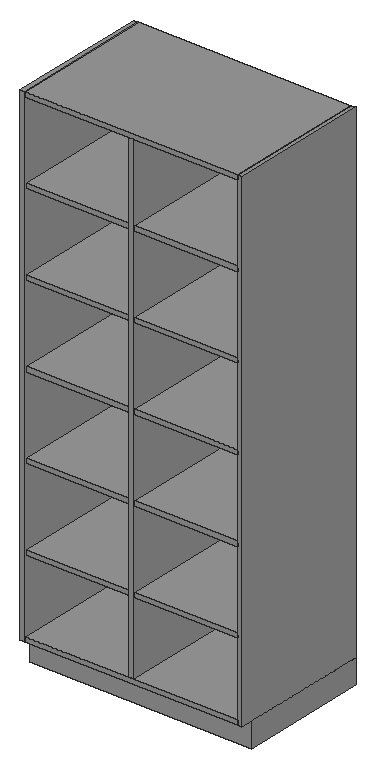
Revit family "TMI - T1110 - Tall_Open1", category Casework, Revit 2016
Family settings
  OmniClass Number = 23.40.35.14.11
  OmniClass Title = Modular Casework
  Work Plane-Based = No
  Always vertical = Yes
  Cut with Voids When Loaded = No
  Shared = No
  Room Calculation Point = No
Parameters (values of type "36" x 84" x 23"")
  Verticle Partition [instance] = yes
  URL = "www.tmisystems.com"
  Two Shelves [instance] = Shelf Quantity = 2  # no
  Toe Kick Height = 4"
  Toe Kick Depth = 2"
  Three Shelves [instance] = Shelf Quantity = 3  # no
  Shelf Thickness = 3/4"
  Shelf Quantity [instance] = 5
  One Shelf [instance] = Shelf Quantity = 1  # no
  Model = "T1110"
  Manufacturer = "TMI Systems Corporation"
  Interior Finish = none
  Four Shelves [instance] = Shelf Quantity = 4  # no
  Five Shelves [instance] = Shelf Quantity = 5  # yes
  Filler Width (Left) [instance] = 3"
  Filler Right [instance] = no
  Filler Left [instance] = no
  Filler Width (Right) [instance] = 3"
  Description = "Tall, Open, Fixed Shelf, Adj. Shelf"
  Depth = 23"
  Height = 84"
  Width = 36"
  Casework Thickness = 3/4"
  Casework Back Thickness = 1/4"
  Cabinet Finish = Plastic Laminate
  Assembly Code = ""
Types (7): name | Width
  30" x 84" x 23" | 30"
  33" x 84" x 23" | 33"
  36" x 84" x 23" | 36"
  39" x 84" x 23" | 39"
  42" x 84" x 23" | 42"
  45" x 84" x 23" | 45"
  48" x 84" x 23" | 48"
Reference planes (in)
  plane 1 "Back": y = -1
  plane 2: z = 0
  plane 3 "Center (Left/Right)": x = 0.7377
  plane 4 "Left": x = -17.2623
  plane 5 "Right": x = 18.7377
  plane 6 "Front": y = -24
  plane 7 "Top": z = 84
  plane 8: y = -2
  plane 9: x = -16.5123
  plane 10: x = 17.9877
  plane 11: z = 83.25
  plane 12: x = -20.2623
  plane 13: x = 21.7377
  plane 14: y = -1.75
  plane 15: y = -22
  plane 16: z = 4
  plane 17: z = 4.75
  plane 18: z = 8.75
  plane 19: z = 79.25
  plane 20: x = 0.3627
  plane 21: x = 1.1127
  plane 22: z = 44
  plane 23: z = 64
  plane 24: z = 24
  plane 25: z = 30.66667
  plane 26: z = 57.33333
  plane 27: z = 70.66667
  plane 28: z = 17.33333
  plane 29: z = 44
  plane 30: y = -23.875
  plane 31: z = 68
  plane 32: z = 52
  plane 33: z = 36
  plane 34: z = 20
  plane 35: y = -21.25
  plane 36: y = -23.25
Forms (in)
  Extrusion 1, solid, material "Plastic Laminate" <- "Cabinet Finish"
    sketch origin (0, 0.21844, 0) x (1, 0, 0) y (0, 1, 0)
      loop
        line (-17.2623, -1.21844) -> (-17.2623, -24.21844) -> (-16.5123, -24.21844) -> (-16.5123, -1.21844) -> (-17.2623, -1.21844)
      loop
        line (17.9877, -1.21844) -> (17.9877, -24.21844) -> (18.7377, -24.21844) -> (18.7377, -1.21844) -> (17.9877, -1.21844)
    from 4 to 84
  Extrusion 2, solid, material "Plastic Laminate" <- "Cabinet Finish"
    sketch origin (0.05747, 11.94613, 0) x (1, 0, 0) y (0, 0, 1)
      loop
        line (-16.56976, 4.75) -> (-16.56976, 4) -> (17.93024, 4) -> (17.93024, 4.75) -> (-16.56976, 4.75)
      loop
        line (-16.56976, 84) -> (-16.56976, 83.25) -> (17.93024, 83.25) -> (17.93024, 84) -> (-16.56976, 84)
    from 12.94613 to 35.94613
  Extrusion 3, solid, material "Plastic Laminate" <- "Cabinet Finish"
    sketch origin (0, 0, 0) x (1, 0, 0) y (0, 1, 0)
      loop
        line (-16.5123, -1.75) -> (-16.5123, -2) -> (17.9877, -2) -> (17.9877, -1.75) -> (-16.5123, -1.75)
    from 83.63348 to 4.36517
  Extrusion 4, solid, material "Plastic Laminate" <- "Cabinet Finish", visible <- "Filler Right"
    sketch origin (0, -24, 0) x (1, 0, 0) y (0, 0, 1)
      loop
        line (18.7377, 84) -> (18.7377, 4) -> (21.7377, 4) -> (21.7377, 84) -> (18.7377, 84)
    from -0.75 to 0
  Extrusion 5, solid, material "Plastic Laminate" <- "Cabinet Finish", visible <- "Filler Left"
    sketch origin (0, -24, 0) x (1, 0, 0) y (0, 0, 1)
      loop
        line (-20.2623, 84) -> (-20.2623, 4) -> (-17.2623, 4) -> (-17.2623, 84) -> (-20.2623, 84)
    from -0.75 to 0
  Extrusion 6, solid, material "Wood"
    sketch origin (-17.2623, 0, 0) x (0, -1, 0) y (0, 0, 1)
      loop
        line (1, 83.25) -> (1, 79.25) -> (1.75, 79.25) -> (1.75, 83.25) -> (1, 83.25)
      loop
        line (1, 8.75) -> (1, 4.75) -> (1.75, 4.75) -> (1.75, 8.75) -> (1, 8.75)
    from -35.25 to -0.75
  Extrusion 7, solid, material "Wood"
    sketch origin (0, 0, 0) x (1, 0, 0) y (0, 0, 1)
      loop
        line (18.7377, 4) -> (-17.2623, 4) -> (-17.2623, 0) -> (18.7377, 0) -> (18.7377, 4)
    from 1 to 22
  Extrusion 8, solid, material "Wood", visible <- "Filler Right"
    sketch origin (0, 0, 0) x (1, 0, 0) y (0, 0, 1)
      loop
        line (21.7377, 4) -> (18.7377, 4) -> (18.7377, 0) -> (21.7377, 0) -> (21.7377, 4)
    from 21.25 to 22
  Extrusion 9, solid, material "Wood", visible <- "Filler Left"
    sketch origin (0, 0, 0) x (1, 0, 0) y (0, 0, 1)
      loop
        line (-17.2623, 4) -> (-20.2623, 4) -> (-20.2623, 0) -> (-17.2623, 0) -> (-17.2623, 4)
    from 21.25 to 22
  Extrusion 10, solid, material "Plastic Laminate" <- "Cabinet Finish", visible <- "Verticle Partition"
    sketch origin (0, -24, 0) x (1, 0, 0) y (0, 0, 1)
      loop
        line (0.3627, 83.25) -> (0.3627, 4.75) -> (1.1127, 4.75) -> (1.1127, 83.25) -> (0.3627, 83.25)
    from -22 to 0
  Extrusion 11, solid, material "Plastic Laminate" <- "Cabinet Finish", visible <- "Five Shelves"
    sketch origin (0, -24, 0) x (1, 0, 0) y (0, 0, 1)
      loop
        line (-16.5123, 70.66667) -> (-16.5123, 69.91667) -> (17.9877, 69.91667) -> (17.9877, 70.66667) -> (-16.5123, 70.66667)
      loop
        line (17.9877, 57.33333) -> (-16.5123, 57.33333) -> (-16.5123, 56.58333) -> (17.9877, 56.58333) -> (17.9877, 57.33333)
      loop
        line (-16.5123, 44) -> (-16.5123, 43.25) -> (17.9877, 43.25) -> (17.9877, 44) -> (-16.5123, 44)
      loop
        line (-16.5123, 30.66667) -> (-16.5123, 29.91667) -> (17.9877, 29.91667) -> (17.9877, 30.66667) -> (-16.5123, 30.66667)
      loop
        line (-16.5123, 17.33333) -> (-16.5123, 16.58333) -> (17.9877, 16.58333) -> (17.9877, 17.33333) -> (-16.5123, 17.33333)
    from -22 to -0.125
  Extrusion 12, solid, material "Plastic Laminate" <- "Cabinet Finish", visible <- "Four Shelves"
    sketch origin (0, -24, 0) x (1, 0, 0) y (0, 0, 1)
      loop
        line (-16.5123, 68) -> (-16.5123, 67.25) -> (17.9877, 67.25) -> (17.9877, 68) -> (-16.5123, 68)
      loop
        line (-16.5123, 52) -> (-16.5123, 51.25) -> (17.9877, 51.25) -> (17.9877, 52) -> (-16.5123, 52)
      loop
        line (-16.5123, 36) -> (-16.5123, 35.25) -> (17.9877, 35.25) -> (17.9877, 36) -> (-16.5123, 36)
      loop
        line (-16.5123, 19.25) -> (17.9877, 19.25) -> (17.9877, 20) -> (-16.5123, 20) -> (-16.5123, 19.25)
    from -22 to -0.125
  Extrusion 13, solid, material "Plastic Laminate" <- "Cabinet Finish", visible <- "Three Shelves"
    sketch origin (0, -24, 0) x (1, 0, 0) y (0, 0, 1)
      loop
        line (-16.5123, 64) -> (-16.5123, 63.25) -> (17.9877, 63.25) -> (17.9877, 64) -> (-16.5123, 64)
      loop
        line (-16.5123, 44) -> (-16.5123, 43.25) -> (17.9877, 43.25) -> (17.9877, 44) -> (-16.5123, 44)
      loop
        line (-16.5123, 24) -> (-16.5123, 23.25) -> (17.9877, 23.25) -> (17.9877, 24) -> (-16.5123, 24)
    from -22 to -0.125
  Extrusion 14, solid, material "Plastic Laminate" <- "Cabinet Finish", visible <- "One Shelf"
    sketch origin (0, -24, 0) x (1, 0, 0) y (0, 0, 1)
      loop
        line (-16.5123, 44) -> (-16.5123, 43.25) -> (17.9877, 43.25) -> (17.9877, 44) -> (-16.5123, 44)
    from -22 to -0.125
  Extrusion 15, solid, material "Plastic Laminate" <- "Cabinet Finish", visible <- "Two Shelves"
    sketch origin (0, -24, 0) x (1, 0, 0) y (0, 0, 1)
      loop
        line (-16.5123, 57.33333) -> (-16.5123, 56.58333) -> (17.9877, 56.58333) -> (17.9877, 57.33333) -> (-16.5123, 57.33333)
      loop
        line (-16.5123, 30.66667) -> (-16.5123, 29.91667) -> (17.9877, 29.91667) -> (17.9877, 30.66667) -> (-16.5123, 30.66667)
    from -22 to -0.125
Lines and regions (in)
  Masking region 1
    outline origin (0, 0, 0) x (1, 0, 0) y (0, 1, 0)
      loop
        line (-17.2623, -1) -> (-17.2623, -24) -> (18.7377, -24) -> (18.7377, -1) -> (-17.2623, -1)
  Masking region 2, visible <- "Filler Left"
    outline origin (0, 0, 0) x (1, 0, 0) y (0, 1, 0)
      loop
        line (-20.2623, -21.25) -> (-20.2623, -24) -> (-17.2623, -24) -> (-17.2623, -21.25) -> (-20.2623, -21.25)
  Masking region 3, visible <- "Filler Right"
    outline origin (0, 0, 0) x (1, 0, 0) y (0, 1, 0)
      loop
        line (18.7377, -21.25) -> (18.7377, -24) -> (21.7377, -24) -> (21.7377, -21.25) -> (18.7377, -21.25)
  symbolic lines, style "CaseworkHiddenLines"
    curve 1: line (0.8002, -24, 0) -> (0.6752, -24, 0)
    curve 2: line (0.6752, -24, 4) -> (0.8002, -24, 4)
  symbolic lines, style "Casework"
    curve 3: line (-17.2623, -1, 4.75) -> (-17.2623, -1.75, 4.75)
    curve 4: line (-17.2623, -1, 4) -> (-17.2623, -1, 4.75)
    curve 5: line (-17.2623, -24.00118, 4) -> (-17.2623, -1, 4)
    curve 6: line (-17.2623, -24.00118, 4.75) -> (-17.2623, -24.00118, 4)
    curve 7: line (-17.2623, -1, 84) -> (-17.2623, -24.00118, 84)
    curve 8: line (-17.2623, -1, 83.25) -> (-17.2623, -1, 84)
    curve 9: line (-17.2623, -24.00118, 83.25) -> (-17.2623, -2, 83.25)
    curve 10: line (-17.2623, -24.00118, 84) -> (-17.2623, -24.00118, 83.25)
    curve 11: line (-17.2623, -1.75, 83.25) -> (-17.2623, -1, 83.25)
    curve 12: line (-17.2623, -2, 4.75) -> (-17.2623, -24.00118, 4.75)
  symbolic lines, style "CaseworkHiddenLines", visible <- "Five Shelves"
    curve 13: line (-17.2623, -2, 70.66667) -> (-17.2623, -23.875, 70.66667)
    curve 14: line (-17.2623, -23.875, 70.66667) -> (-17.2623, -23.875, 69.91667)
    curve 15: line (-17.2623, -23.875, 69.91667) -> (-17.2623, -2, 69.91667)
    curve 22: line (-17.2623, -2, 16.58333) -> (-17.2623, -23.875, 16.58333)
    curve 23: line (-17.2623, -23.875, 16.58333) -> (-17.2623, -23.875, 17.33333)
    curve 24: line (-17.2623, -23.875, 17.33333) -> (-17.2623, -2, 17.33333)
    curve 25: line (-17.2623, -2, 30.66667) -> (-17.2623, -23.875, 30.66667)
    curve 26: line (-17.2623, -23.875, 30.66667) -> (-17.2623, -23.875, 29.91667)
    curve 27: line (-17.2623, -23.875, 29.91667) -> (-17.2623, -2, 29.91667)
    curve 40: line (-17.2623, -2, 56.58333) -> (-17.2623, -23.875, 56.58333)
    curve 41: line (-17.2623, -23.875, 56.58333) -> (-17.2623, -23.875, 57.33333)
    curve 42: line (-17.2623, -23.875, 57.33333) -> (-17.2623, -2, 57.33333)
    curve 46: line (-17.2623, -2, 43.25) -> (-17.2623, -23.875, 43.25)
    curve 47: line (-17.2623, -23.875, 43.25) -> (-17.2623, -23.875, 44)
    curve 48: line (-17.2623, -23.875, 44) -> (-17.2623, -2, 44)
  symbolic lines, style "CaseworkHiddenLines", visible <- "Four Shelves"
    curve 16: line (-17.2623, -2, 67.25) -> (-17.2623, -23.875, 67.25)
    curve 17: line (-17.2623, -23.875, 67.25) -> (-17.2623, -23.875, 68)
    curve 18: line (-17.2623, -23.875, 68) -> (-17.2623, -1.75, 68)
    curve 19: line (-17.2623, -2, 20) -> (-17.2623, -23.875, 20)
    curve 20: line (-17.2623, -23.875, 20) -> (-17.2623, -23.875, 19.25)
    curve 21: line (-17.2623, -23.875, 19.25) -> (-17.2623, -2, 19.25)
    curve 34: line (-17.2623, -2, 35.25) -> (-17.2623, -23.875, 35.25)
    curve 35: line (-17.2623, -23.875, 35.25) -> (-17.2623, -23.875, 36)
    curve 36: line (-17.2623, -23.875, 36) -> (-17.2623, -2, 36)
    curve 43: line (-17.2623, -2, 52) -> (-17.2623, -23.875, 52)
    curve 44: line (-17.2623, -23.875, 52) -> (-17.2623, -23.875, 51.25)
    curve 45: line (-17.2623, -23.875, 51.25) -> (-17.2623, -2, 51.25)
  symbolic lines, style "CaseworkHiddenLines", visible <- "Three Shelves"
    curve 28: line (-17.2623, -2, 23.25) -> (-17.2623, -23.875, 23.25)
    curve 29: line (-17.2623, -23.875, 23.25) -> (-17.2623, -23.875, 24)
    curve 30: line (-17.2623, -23.875, 24) -> (-17.2623, -2, 24)
    curve 31: line (-17.2623, -2, 44) -> (-17.2623, -23.875, 44)
    curve 32: line (-17.2623, -23.875, 44) -> (-17.2623, -23.875, 43.25)
    curve 33: line (-17.2623, -23.875, 43.25) -> (-17.2623, -2, 43.25)
    curve 37: line (-17.2623, -2, 64) -> (-17.2623, -23.875, 64)
    curve 38: line (-17.2623, -23.875, 64) -> (-17.2623, -23.875, 63.25)
    curve 39: line (-17.2623, -23.875, 63.25) -> (-17.2623, -2, 63.25)
  symbolic lines, style "CaseworkHiddenLines", visible <- "Two Shelves"
    curve 49: line (-17.2623, -2, 30.66667) -> (-17.2623, -23.875, 30.66667)
    curve 50: line (-17.2623, -23.875, 30.66667) -> (-17.2623, -23.875, 29.91667)
    curve 51: line (-17.2623, -23.875, 29.91667) -> (-17.2623, -2, 29.91667)
    curve 52: line (-17.2623, -2, 56.58333) -> (-17.2623, -23.875, 56.58333)
    curve 53: line (-17.2623, -23.875, 56.58333) -> (-17.2623, -23.875, 57.33333)
    curve 54: line (-17.2623, -23.875, 57.33333) -> (-17.2623, -2, 57.33333)
  symbolic lines, style "CaseworkHiddenLines", visible <- "One Shelf"
    curve 55: line (-17.2623, -2, 44) -> (-17.2623, -23.875, 44)
    curve 56: line (-17.2623, -23.875, 44) -> (-17.2623, -23.875, 43.25)
    curve 57: line (-17.2623, -23.875, 43.25) -> (-17.2623, -2, 43.25)
Dimensions and locks (in)
  "Width": plane 4 "Left" to plane 5 "Right"
  equal spacing: plane 4 "Left", plane 3 "Center (Left/Right)", plane 5 "Right"
  "Casework Thickness": plane 4 "Left" to plane 9
  "Casework Thickness": plane 10 to plane 5 "Right"
  "Casework Thickness": plane 7 "Top" to plane 11
  "Filler Width (Right)": plane 5 "Right" to plane 13
  "Filler Width (Left)": plane 12 to plane 4 "Left"
  "Depth": plane 6 "Front" to plane 1 "Back"
  "Casework Back Thickness": plane 14 to plane 8
  locked: plane 14 to plane 1 "Back" at 0.75
  "Toe Kick Depth": plane 15 to plane 6 "Front"
  "Toe Kick Height": plane 16 to level
  "Casework Thickness": plane 17 to plane 16
  "Height": plane 7 "Top" to level
  locked: plane 19 to plane 11 at 4
  locked: plane 17 to plane 18 at 4
  locked: plane 17 to Extrusion 3 at 0.38483
  locked: plane 11 to Extrusion 3 at 0.38348
  "Casework Thickness": plane 20 to plane 21
  equal spacing: plane 21, plane 3 "Center (Left/Right)", plane 20
  equal spacing: plane 7 "Top", plane 23, plane 22, plane 24, plane 16
  equal spacing: plane 7 "Top", plane 27, plane 26, plane 29, plane 25, plane 28, plane 16
  "Shelf Thickness": plane 27 to Extrusion 11 sketch curve
  "Shelf Thickness": plane 26 to Extrusion 11 sketch curve
  "Shelf Thickness": plane 29 to Extrusion 11 sketch curve
  "Shelf Thickness": plane 25 to Extrusion 11 sketch curve
  "Shelf Thickness": plane 28 to Extrusion 11 sketch curve
  "Shelf Thickness": Extrusion 12 sketch curve to Extrusion 12 sketch curve  (x4)
  "Shelf Thickness": plane 23 to Extrusion 13 sketch curve
  "Shelf Thickness": Extrusion 11 to Extrusion 13 sketch curve
  "Shelf Thickness": Extrusion 13 sketch curve to Extrusion 13 sketch curve
  equal spacing: plane 7 "Top", plane 31, plane 32, plane 33, plane 34, plane 16
  locked: plane 6 "Front" to plane 30 at 0.125
  locked: plane 35 to plane 15 at 0.75
  locked: plane 6 "Front" to plane 36 at 0.75
  aligned and locked: plane 2 to level
  aligned and locked: Extrusion 1 sketch curve to plane 4 "Left"
  aligned and locked: Extrusion 1 sketch curve to plane 9
  aligned and locked: Extrusion 1 sketch curve to plane 10
  aligned and locked: plane 5 "Right" to Extrusion 1 sketch curve
  aligned and locked: plane 7 "Top" to Extrusion 2 sketch curve
  aligned and locked: Extrusion 2 sketch curve to plane 11
  aligned and locked: Extrusion 1 to plane 1 "Back"  (x2)
  aligned and locked: plane 10 to Extrusion 3 sketch curve
  aligned and locked: plane 9 to Extrusion 3 sketch curve
  aligned and locked: Extrusion 3 sketch curve to plane 8
  aligned and locked: Extrusion 1 to plane 7 "Top"
  aligned and locked: plane 7 "Top" to Extrusion 4 sketch curve
  aligned and locked: Extrusion 4 sketch curve to plane 13
  aligned and locked: Extrusion 4 sketch curve to plane 5 "Right"
  aligned and locked: plane 7 "Top" to Extrusion 5 sketch curve
  aligned and locked: plane 12 to Extrusion 5 sketch curve
  aligned and locked: Extrusion 3 to plane 14
  aligned and locked: plane 14 to Extrusion 6 sketch curve  (x2)
  aligned and locked: plane 1 "Back" to Extrusion 6 sketch curve  (x2)
  aligned and locked: plane 11 to Extrusion 6 sketch curve
  aligned and locked: Extrusion 6 to plane 9
  aligned and locked: Extrusion 6 to plane 10
  aligned and locked: Extrusion 8 to Extrusion 7
  aligned and locked: Extrusion 9 to Extrusion 7
  aligned and locked: plane 16 to Extrusion 9
  aligned and locked: plane 16 to Extrusion 7
  aligned and locked: plane 16 to Extrusion 8
  aligned and locked: Extrusion 4 to plane 16
  aligned and locked: Extrusion 5 to plane 16
  aligned and locked: Extrusion 1 to plane 16
  aligned and locked: Extrusion 2 to plane 16
  aligned and locked: plane 17 to Extrusion 2
  aligned and locked: plane 19 to Extrusion 6
  aligned and locked: Extrusion 1 to Extrusion 2
  aligned and locked: Extrusion 7 to Extrusion 1
  aligned and locked: Extrusion 6 to plane 18
  aligned and locked: Extrusion 6 to plane 17
  aligned and locked: Masking region 1 sketch curve to plane 4 "Left"
  aligned and locked: plane 1 "Back" to Masking region 1 sketch curve
  aligned and locked: Masking region 1 sketch curve to plane 6 "Front"
  aligned and locked: plane 5 "Right" to Masking region 1 sketch curve
  aligned and locked: plane 1 "Back" to curve 8
  aligned and locked: plane 7 "Top" to curve 7
  aligned and locked: curve 11 to Extrusion 6
  aligned and locked: curve 3 to plane 17
  aligned and locked: plane 16 to curve 5
  aligned and locked: curve 9 to plane 11
  aligned and locked: Extrusion 9 to plane 15
  aligned and locked: plane 11 to Extrusion 10 sketch curve
  aligned and locked: plane 17 to Extrusion 10 sketch curve
  aligned and locked: plane 20 to Extrusion 10 sketch curve
  aligned and locked: plane 21 to Extrusion 10 sketch curve
  aligned and locked: plane 8 to Extrusion 10
  aligned and locked: plane 27 to Extrusion 11 sketch curve
  aligned and locked: plane 26 to Extrusion 11 sketch curve
  aligned and locked: plane 29 to Extrusion 11 sketch curve
  aligned and locked: plane 25 to Extrusion 11 sketch curve
  aligned and locked: plane 28 to Extrusion 11 sketch curve
  aligned and locked: plane 9 to Extrusion 11 sketch curve  (x4)
  aligned and locked: Extrusion 11 sketch curve to plane 9
  aligned and locked: plane 10 to Extrusion 11 sketch curve  (x3)
  aligned and locked: Extrusion 11 sketch curve to plane 10  (x2)
  aligned and locked: plane 9 to Extrusion 12 sketch curve  (x3)
  aligned and locked: Extrusion 12 sketch curve to plane 9
  aligned and locked: plane 10 to Extrusion 12 sketch curve
  aligned and locked: Extrusion 12 sketch curve to plane 10  (x3)
  aligned and locked: Extrusion 13 sketch curve to plane 24
  aligned and locked: plane 9 to Extrusion 13 sketch curve  (x3)
  aligned and locked: plane 10 to Extrusion 13 sketch curve
  aligned and locked: Extrusion 13 sketch curve to plane 10  (x2)
  aligned and locked: plane 29 to Extrusion 13 sketch curve
  aligned and locked: plane 23 to Extrusion 13 sketch curve
  aligned and locked: Extrusion 11 to plane 8
  aligned and locked: Extrusion 12 to plane 8
  aligned and locked: Extrusion 13 to plane 8
  aligned and locked: plane 29 to Extrusion 14 sketch curve
  aligned and locked: plane 9 to Extrusion 14 sketch curve
  aligned and locked: Extrusion 14 sketch curve to plane 10
  aligned and locked: Extrusion 14 sketch curve to Extrusion 13
  aligned and locked: Extrusion 14 to plane 8
  aligned and locked: plane 25 to Extrusion 15 sketch curve
  aligned and locked: Extrusion 15 sketch curve to plane 26
  aligned and locked: Extrusion 15 sketch curve to Extrusion 11  (x2)
  aligned and locked: Extrusion 15 sketch curve to plane 10
  aligned and locked: plane 9 to Extrusion 15 sketch curve  (x2)
  aligned and locked: plane 10 to Extrusion 15 sketch curve
  aligned and locked: Extrusion 15 to plane 8
  aligned and locked: plane 4 "Left" to Masking region 2 sketch curve
  aligned and locked: plane 12 to Masking region 2 sketch curve
  aligned and locked: Masking region 3 sketch curve to plane 5 "Right"
  aligned and locked: Masking region 3 sketch curve to plane 13
  aligned and locked: plane 30 to Extrusion 11
  aligned and locked: plane 30 to Extrusion 12
  aligned and locked: plane 30 to Extrusion 13
  aligned and locked: plane 30 to Extrusion 15
  aligned and locked: plane 30 to Extrusion 14
  aligned and locked: Extrusion 12 to plane 31
  aligned and locked: plane 32 to Extrusion 12
  aligned and locked: Extrusion 12 to plane 33
  aligned and locked: Extrusion 12 to plane 34
  aligned and locked: plane 6 "Front" to Extrusion 1  (x2)
  aligned and locked: plane 6 "Front" to Extrusion 10
  aligned and locked: plane 6 "Front" to Extrusion 5
  aligned and locked: plane 6 "Front" to Extrusion 4
  aligned and locked: plane 6 "Front" to Extrusion 2
  aligned and locked: curve 13 to Extrusion 11
  aligned and locked: curve 15 to Extrusion 11
  aligned and locked: curve 18 to Extrusion 12
  aligned and locked: Extrusion 12 to curve 16
  aligned and locked: curve 37 to Extrusion 13
  aligned and locked: curve 39 to Extrusion 13
  aligned and locked: Extrusion 15 to curve 40
  aligned and locked: curve 43 to Extrusion 12
  aligned and locked: curve 45 to Extrusion 12
  aligned and locked: curve 48 to Extrusion 14
  aligned and locked: Extrusion 14 to curve 46
  aligned and locked: curve 36 to Extrusion 12
  aligned and locked: Extrusion 12 to curve 34
  aligned and locked: curve 25 to Extrusion 15
  aligned and locked: curve 27 to Extrusion 15
  aligned and locked: curve 30 to Extrusion 13
  aligned and locked: Extrusion 13 to curve 28
  aligned and locked: curve 19 to Extrusion 12
  aligned and locked: curve 21 to Extrusion 12
  aligned and locked: curve 24 to Extrusion 11
  aligned and locked: Extrusion 11 to curve 22
  aligned and locked: plane 8 to curve 24
  aligned and locked: plane 8 to curve 22
  aligned and locked: plane 8 to curve 25
  aligned and locked: plane 8 to curve 27
  aligned and locked: plane 8 to curve 48
  aligned and locked: plane 8 to curve 46
  aligned and locked: plane 8 to curve 13
  aligned and locked: plane 8 to curve 15
  aligned and locked: plane 8 to curve 42
  aligned and locked: plane 8 to curve 40
  aligned and locked: curve 14 to plane 30
  aligned and locked: plane 30 to curve 47
  aligned and locked: curve 26 to plane 30
  aligned and locked: plane 30 to curve 23
  aligned and locked: plane 8 to curve 19
  aligned and locked: plane 8 to curve 21
  aligned and locked: plane 8 to curve 36
  aligned and locked: plane 8 to curve 34
  aligned and locked: plane 30 to curve 35
  aligned and locked: curve 20 to plane 30
  aligned and locked: Extrusion 3 to curve 18
  aligned and locked: plane 8 to curve 16
  aligned and locked: plane 8 to curve 43
  aligned and locked: plane 8 to curve 45
  aligned and locked: curve 44 to plane 30
  aligned and locked: plane 30 to curve 17
  aligned and locked: curve 31 to Extrusion 14
  aligned and locked: plane 8 to curve 37
  aligned and locked: plane 8 to curve 39
  aligned and locked: plane 8 to curve 31
  aligned and locked: plane 8 to curve 33
  aligned and locked: plane 8 to curve 30
  aligned and locked: plane 8 to curve 28
  aligned and locked: curve 38 to plane 30
  aligned and locked: curve 32 to plane 30
  aligned and locked: plane 30 to curve 29
  aligned and locked: plane 26 to curve 54
  aligned and locked: Extrusion 15 to curve 52
  aligned and locked: plane 8 to curve 54
  aligned and locked: plane 8 to curve 52
  aligned and locked: plane 8 to curve 49
  aligned and locked: plane 8 to curve 51
  aligned and locked: curve 49 to Extrusion 15
  aligned and locked: plane 30 to curve 53
  aligned and locked: curve 55 to Extrusion 14
  aligned and locked: curve 57 to Extrusion 14
  aligned and locked: plane 8 to curve 55
  aligned and locked: plane 8 to curve 57
  aligned and locked: plane 35 to Masking region 3
  aligned and locked: Extrusion 4 to plane 36
  aligned and locked: plane 35 to Extrusion 8
  aligned and locked: plane 35 to Masking region 2
  aligned and locked: Extrusion 5 to plane 36
  aligned and locked: plane 35 to Extrusion 9
Automatic sketch dimensions
  curve 1 to level = 0"
  curve 2 to plane 16 = 0"
  curve 1 to plane 3 "Center (Left/Right)" = 1/16"
  curve 2 to plane 3 "Center (Left/Right)" = 1/16"
  plane 3 "Center (Left/Right)" to curve 2 = 1/16"
  plane 3 "Center (Left/Right)" to curve 1 = 1/16"
  plane 6 "Front" to Extrusion 1 sketch curve = 0"  (x2)
  plane 1 "Back" to Extrusion 1 sketch curve = 0"
  Extrusion 1 sketch curve to plane 1 "Back" = 0"
  Extrusion 2 sketch curve to plane 9 = 0"  (x2)
  Extrusion 2 sketch curve to plane 10 = 0"
  plane 10 to Extrusion 2 sketch curve = 0"
  Extrusion 2 sketch curve to plane 16 = 0"
  Extrusion 2 sketch curve to plane 17 = 0"
  Extrusion 3 sketch curve to plane 14 = 0"
  Extrusion 4 sketch curve to plane 16 = 0"
  plane 4 "Left" to Extrusion 5 sketch curve = 0"
  Extrusion 5 sketch curve to plane 16 = 0"
  Extrusion 6 sketch curve to plane 17 = 0"
  plane 18 to Extrusion 6 sketch curve = 0"
  plane 19 to Extrusion 6 sketch curve = 0"
  plane 4 "Left" to Extrusion 7 sketch curve = 0"
  Extrusion 7 sketch curve to level = 0"
  plane 5 "Right" to Extrusion 7 sketch curve = 0"
  Extrusion 7 sketch curve to plane 16 = 0"
  plane 5 "Right" to Extrusion 8 sketch curve = 0"
  Extrusion 8 sketch curve to level = 0"
  Extrusion 8 sketch curve to plane 13 = 0"
  Extrusion 8 sketch curve to plane 16 = 0"
  Extrusion 9 sketch curve to plane 12 = 0"
  Extrusion 9 sketch curve to level = 0"
  plane 4 "Left" to Extrusion 9 sketch curve = 0"
  Extrusion 9 sketch curve to plane 16 = 0"
  Extrusion 12 sketch curve to plane 34 = 0"
  Extrusion 12 sketch curve to plane 33 = 0"
  Extrusion 12 sketch curve to plane 32 = 0"
  Extrusion 12 sketch curve to plane 31 = 0"
  plane 6 "Front" to Masking region 2 sketch curve = 0"
  plane 6 "Front" to Masking region 3 sketch curve = 0"
  curve 3 to plane 1 "Back" = 0"
  curve 3 to plane 14 = 0"
  curve 11 to plane 14 = 0"
  curve 9 to plane 8 = 0"
  curve 12 to plane 8 = 0"
  curve 6 to plane 17 = 0"
  plane 6 "Front" to curve 7 = 0.00118"
  plane 6 "Front" to curve 6 = 0.00118"
  plane 1 "Back" to Masking region 2 sketch curve = 20 1/4"
  plane 1 "Back" to Masking region 3 sketch curve = 20 1/4"
